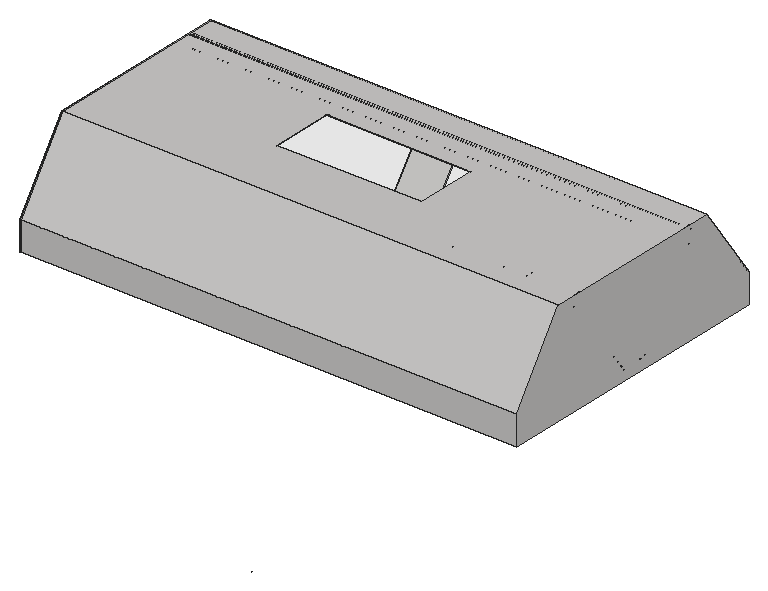
Revit family "QF_ELECTROLUXPROFESSIONAL_642348_BC1424DT", category Attrezzature speciali, Revit 2021
Family settings
  Quota connettore circolare = Usa diametro
  Tipo di parte = Normale
  Basato su piano di lavoro = No
  Sempre verticale = Sì
  Taglio con vuoti quando caricato = No
  Condiviso = No
  Punto di calcolo locali = No
Parameters (values of type "Standard")
  Weight = 79.00 kg
  Watts = 0 W
  Volts = 0 V
  URL Manufacturer = "https://www.electroluxprofessional.com/"
  URL = "https://www.electroluxprofessional.com/"
  Steam Supply Size = 0 mm
  Steam Supply Minimum Pressure = 0.0 Pa
  Steam Supply Maximum Pressure = 0.0 Pa
  Steam Consumption per Hour = 0
  Refrigeration Suction Line Size = 0 mm
  Refrigeration Liquid Line Size = 0 mm
  Refrigerant Compressor Remote = yes
  Prospetto di default = 0 mm
  Produttore = "Electrolux Professional"
  Phase = 0
  Modello = "BC1424DT"
  Length Actual = 2400 mm  # constant formula
  Item Number = "642348"
  Hot Water Size = 0 mm
  Height Actual = 500 mm  # constant formula
  HP = "0 HP"
  Gas Size = 0 mm
  Gas KW = 0
  Gas Input Pressure = 0 W
  Direct Waste Size = 0 mm
  Descrizione = "304 S/S ISLAND HOOD+FILTERS 2400X1400MM"
  Depth Actual = 1400 mm  # constant formula
  Cycle = 0 Hz
  Condensate Return Size = 0 mm
  Compressed Air Volume = 0.0 L/s
  Compressed Air Size = 0 mm
  Compressed Air Pressure = 0.0 Pa
  Cold Water Size = 0 mm
  Accessory = yes
Reference planes
  plane 1: z = 0
  plane 2 "Center (Left/Right)": x = 150
  plane 3 "LEFT": x = -1050
  plane 4 "RIGHT": x = 1350
  plane 5 "BACK": y = 550
  plane 6 "TOP": z = 2500
  plane 7 "Base": z = 2000
  plane 8: z = 1946
  plane 9: x = -1047
  plane 10 "DrainX": x = 1199
  plane 11 "AOLeft2": x = 450
  plane 12: x = 1347
  plane 13: x = -850
  plane 14: x = 1150
  plane 15: x = 50
  plane 16: x = 250
  plane 17 "AOLeft1": x = -250
  plane 18: y = 0
  plane 19: y = -300
  plane 20 "Center (Front/Back)": y = -150
  plane 21: y = -850
  plane 22: through (0, -201.379, 2046.209) normal (0, 0.8019, 0.5974)
  plane 23: through (0, -98.621, 2046.209) normal (0, 0.8019, -0.5974)
  plane 24: z = 2140
Forms (mm)
  Extrusion 1, solid, material "QF_Finishes_Stainless Steel"
    sketch origin (-1050, 0, 360) x (0, 1, 0) y (0, 0, 1)
      loop
        line (550, 1640) -> (550, 1780) -> (299.446, 2140) -> (-599.446, 2140) -> (-850, 1780) -> (-850, 1640) -> (550, 1640)
    from 0 to 3
  Extrusion 2, solid, material "QF_Finishes_Stainless Steel"
    sketch origin (1350, 0, 360) x (0, 1, 0) y (0, 0, 1)
      loop
        line (550, 1640) -> (550, 1780) -> (299.446, 2140) -> (-599.446, 2140) -> (-850, 1780) -> (-850, 1640) -> (550, 1640)
    from 0 to -3
  Extrusion 3, solid, material "QF_Finishes_Stainless Steel"
    sketch origin (150, 0, 360) x (0, 1, 0) y (0, 0, 1)
      loop
        line (-599.446, 2140) -> (-850, 1780) -> (-850, 1640) -> (-840, 1640) -> (-840, 1640.8) -> (-849.2, 1640.8) -> (-849.2, 1779.739) -> (-599.025, 2139.19) -> (299.025, 2139.19) -> (549.2, 1779.739) -> (549.2, 1640.8) -> (540, 1640.8) -> (540, 1640) -> (550, 1640) -> (550, 1780) -> (299.446, 2140) -> (-599.446, 2140)
    from -1200 to 1200
  Extrusion 4, void
    sketch origin (0, 0, 2500) x (0, 1, 0) y (-1, 0, 0)
      loop
        line (0, -450) -> (0, 250) -> (-300, 250) -> (-300, -450) -> (0, -450)
    from 0 to -10
  Extrusion 5, solid, material "QF_Finishes_Stainless Steel"
    sketch origin (0, 0, 0) x (1, 0, 0) y (0, 1, 0)
      loop
        line (-1050, 550) -> (-1050, 549) -> (-1049, 549) -> (-1049, 550) -> (-1050, 550)
    from 0 to 1
  Extrusion 6, solid, material "QF_Finishes_Stainless Steel"
    sketch origin (150, -400, 360) x (0, 1, 0) y (0, 0, 1)
      loop
        line (-98.883, 2085.553) -> (198.621, 1686.209) -> (214.66, 1698.157) -> (-82.844, 2097.501) -> (-98.883, 2085.553)
      loop
        line (598.883, 2085.553) -> (582.844, 2097.501) -> (285.34, 1698.157) -> (301.379, 1686.209) -> (598.883, 2085.553)
    from -1000 to -1197
  Extrusion 7, solid, material "QF_Finishes_Stainless Steel"
    sketch origin (150, -400, 360) x (0, 1, 0) y (0, 0, 1)
      loop
        arc (316.056, 1704.554) -> (315.455, 1704.706) -> (314.923, 1704.389) r 0.81
        line (314.923, 1704.389) -> (300.465, 1684.991) -> (283.389, 1687.002) -> (286.391, 1712.615) -> (285.593, 1712.708) -> (282.594, 1687.095)
        arc (282.594, 1687.095) -> (282.763, 1686.499) -> (283.305, 1686.197) r 0.81
        line (283.305, 1686.197) -> (300.372, 1684.196)
        arc (300.372, 1684.196) -> (300.787, 1684.257) -> (301.116, 1684.517) r 0.81
        line (301.116, 1684.517) -> (315.564, 1703.911) -> (326.308, 1695.919) -> (300.145, 1660.79) -> (199.855, 1660.79) -> (173.692, 1695.919) -> (184.436, 1703.911) -> (198.884, 1684.517)
        arc (198.884, 1684.517) -> (199.213, 1684.257) -> (199.628, 1684.196) r 0.81
        line (199.628, 1684.196) -> (216.695, 1686.197)
        arc (216.695, 1686.197) -> (217.237, 1686.499) -> (217.406, 1687.095) r 0.81
        line (217.406, 1687.095) -> (214.407, 1712.708) -> (213.609, 1712.615) -> (216.611, 1687.002) -> (199.535, 1684.991) -> (185.077, 1704.389)
        arc (185.077, 1704.389) -> (184.545, 1704.706) -> (183.944, 1704.554) r 0.81
        line (183.944, 1704.554) -> (173.214, 1696.561)
        arc (173.214, 1696.561) -> (172.897, 1696.028) -> (173.049, 1695.427) r 0.81
        line (173.049, 1695.427) -> (199.157, 1660.381)
        arc (199.157, 1660.381) -> (199.5, 1660.093) -> (199.937, 1659.99) r 0.972
        line (199.937, 1659.99) -> (300.049, 1659.99)
        arc (300.049, 1659.99) -> (300.498, 1660.096) -> (300.851, 1660.393) r 1
        line (300.851, 1660.393) -> (326.951, 1695.427)
        arc (326.951, 1695.427) -> (327.103, 1696.028) -> (326.786, 1696.561) r 0.81
        line (326.786, 1696.561) -> (316.056, 1704.554)
      loop
        line (-92.735, 2139.19) -> (-92.735, 2129.205) -> (-117.587, 2110.686)
        arc (-117.587, 2110.686) -> (-117.904, 2110.153) -> (-117.752, 2109.552) r 0.81
        line (-117.752, 2109.552) -> (-84.894, 2065.446) -> (-95.625, 2057.438) -> (-95.147, 2056.796) -> (-84.418, 2064.79)
        arc (-84.418, 2064.79) -> (-84.1, 2065.322) -> (-84.252, 2065.923) r 0.81
        line (-84.252, 2065.923) -> (-117.117, 2110.038) -> (-91.935, 2128.798) -> (-91.935, 2138.4) -> (-62.776, 2138.4) -> (-62.776, 2070.563) -> (-61.976, 2069.49) -> (-61.976, 2139.19) -> (-92.735, 2139.19)
      loop
        line (592.735, 2139.19) -> (561.976, 2139.19) -> (561.976, 2069.49) -> (562.776, 2070.563) -> (562.776, 2138.4) -> (591.935, 2138.4) -> (591.935, 2128.798) -> (617.117, 2110.038) -> (584.252, 2065.923)
        arc (584.252, 2065.923) -> (584.1, 2065.322) -> (584.418, 2064.79) r 0.81
        line (584.418, 2064.79) -> (595.147, 2056.796) -> (595.625, 2057.438) -> (584.894, 2065.446) -> (617.752, 2109.552)
        arc (617.752, 2109.552) -> (617.904, 2110.153) -> (617.587, 2110.686) r 0.81
        line (617.587, 2110.686) -> (592.735, 2129.205) -> (592.735, 2139.19)
    from -1197 to 1197
  Extrusion 8, solid, material "QF_Finishes_Stainless Steel"
    sketch origin (150, -400, 360) x (0, 1, 0) y (0, 0, 1)
      loop
        line (-98.883, 2085.553) -> (198.621, 1686.209) -> (214.66, 1698.157) -> (-82.844, 2097.501) -> (-98.883, 2085.553)
      loop
        line (598.883, 2085.553) -> (582.844, 2097.501) -> (285.34, 1698.157) -> (301.379, 1686.209) -> (598.883, 2085.553)
    from 1197 to 1000
  Extrusion 9, solid, material "QF_Finishes_Stainless Steel"
    sketch origin (150, -400, 360) x (0, 1, 0) y (0, 0, 1)
      loop
        line (-98.883, 2085.553) -> (198.621, 1686.209) -> (214.66, 1698.157) -> (-82.844, 2097.501) -> (-98.883, 2085.553)
      loop
        line (598.883, 2085.553) -> (582.844, 2097.501) -> (285.34, 1698.157) -> (301.379, 1686.209) -> (598.883, 2085.553)
    from -100 to 100
  Extrusion 10, solid, material "QF_Finished_Chrome"
    sketch origin (150, -400, 360) x (0, 1, 0) y (0, 0, 1)
      loop
        line (-98.883, 2085.553) -> (198.621, 1686.209) -> (214.66, 1698.157) -> (-82.844, 2097.501) -> (-98.883, 2085.553)
      loop
        line (598.883, 2085.553) -> (582.844, 2097.501) -> (285.34, 1698.157) -> (301.379, 1686.209) -> (598.883, 2085.553)
    from -1000 to -100
  Extrusion 11, solid, material "QF_Finished_Chrome"
    sketch origin (150, -400, 360) x (0, 1, 0) y (0, 0, 1)
      loop
        line (-98.883, 2085.553) -> (198.621, 1686.209) -> (214.66, 1698.157) -> (-82.844, 2097.501) -> (-98.883, 2085.553)
      loop
        line (598.883, 2085.553) -> (582.844, 2097.501) -> (285.34, 1698.157) -> (301.379, 1686.209) -> (598.883, 2085.553)
    from 100 to 1000
  Sweep 12, solid, material "QF_Finishes_Stainless Steel"
    path origin (0, 0, 0) x (1, 0, 0) y (0, 1, 0)
      loop
        line (1350, 550) -> (-1050, 550) -> (-1050, -850) -> (1350, -850) -> (1350, 550)
    profile origin (1350, -150, 0) x (1, 0, 0) y (0, 0, 1)
      loop
        line (-3, 2000) -> (-3, 2000.8) -> (-19, 2000.8) -> (-19, 2010) -> (-20, 2010) -> (-20, 2000) -> (-3, 2000)
  Extrusion 13, solid, material "QF_Finishes_Stainless Steel"
    sketch origin (1199, 0, 0) x (0, 1, 0) y (0, 0, 1)
      loop
        arc (-118.5, 1946) -> (-111.429, 1948.929) -> (-108.5, 1956) r 10
        line (-108.5, 1956) -> (-108.5, 2000.8) -> (-191.5, 2000.8) -> (-191.5, 1956)
        arc (-191.5, 1956) -> (-188.571, 1948.929) -> (-181.5, 1946) r 10
        line (-181.5, 1946) -> (-118.5, 1946)
    from -90 to 90
  Extrusion 14, solid, material "QF_Finishes_Stainless Steel"
    sketch origin (0, -1100, 2000) x (0, 1, 0) y (-1, 0, 0)
      loop
        circle (950, -1199) r 6.35
    from -3.799 to 0
Cuts and joins
  Extrusion 4 cuts Extrusion 3
  joined: Extrusion 2, Extrusion 3, Sweep 12
Lines and regions (mm)
  symbolic lines, style "SpecialityEquipment", detail levels coarse
    curve 1: line (1350, 550, 2500) -> (-1050, 550, 2500)
    curve 2: line (-1050, 550, 2500) -> (-1050, -850, 2500)
    curve 3: line (1350, -850, 2500) -> (1350, 550, 2500)
    curve 4: line (-1050, 299.025, 0) -> (1349.504, -599.025, 0)
    curve 5: line (1349.568, 299.025, 0) -> (-1050, -599.025, 0)
  symbolic lines, detail levels coarse
    curve 6: line (-250, -300, 0) -> (450, -300, 0)
    curve 7: line (-250, 0, 0) -> (-250, -300, 0)
    curve 8: line (450, 0, 0) -> (-250, 0, 0)
    curve 9: line (450, -300, 0) -> (450, 0, 0)
    curve 10: line (-1050, 299.025, 0) -> (1349.568, 299.025, 0)
    curve 11: line (1349.504, -599.025, 0) -> (-1050, -599.025, 0)
    curve 12: line (1350, -850, 0) -> (-1050, -850, 0)
Dimensions and locks
  plane 3 "LEFT" to plane 4 "RIGHT" = 2400 mm
  equal spacing: plane 3 "LEFT", plane 2 "Center (Left/Right)", plane 4 "RIGHT"
  plane 3 "LEFT" to plane 9 = 3 mm
  plane 10 "DrainX" to plane 4 "RIGHT" = 151 mm
  plane 12 to plane 4 "RIGHT" = 3 mm
  plane 3 "LEFT" to plane 13 = 200 mm
  plane 14 to plane 4 "RIGHT" = 200 mm
  locked: plane 7 "Base" to level at 2000
  locked: plane 15 to plane 16 at 200
  equal spacing: plane 15, plane 2 "Center (Left/Right)", plane 16
  plane 7 "Base" to plane 8 = 54 mm
  locked: plane 6 "TOP" to plane 7 "Base" at 500
  plane 5 "BACK" to plane 21 = 1400 mm  (x2)
  equal spacing: plane 5 "BACK", plane 20 "Center (Front/Back)", plane 21
  plane 19 to plane 18 = 300 mm
  equal spacing: plane 19, plane 20 "Center (Front/Back)", plane 18
  plane 24 to plane 7 "Base" = 140 mm
  locked: plane 17 "AOLeft1" to plane 11 "AOLeft2" at 700
  aligned and locked: level to plane 1
  aligned and locked: plane 4 "RIGHT" to Extrusion 3
  aligned and locked: Extrusion 3 to plane 3 "LEFT"
  aligned and locked: Extrusion 6 to plane 9
  aligned and locked: plane 13 to Extrusion 6
  aligned and locked: Extrusion 2 to plane 12
  aligned and locked: plane 12 to Extrusion 8
  aligned and locked: Extrusion 8 to plane 14
  aligned and locked: plane 16 to Extrusion 9
  aligned and locked: Extrusion 9 to plane 15
  aligned and locked: plane 15 to Extrusion 10
  aligned and locked: Extrusion 10 to plane 13
  aligned and locked: Extrusion 11 to plane 16
  aligned and locked: Extrusion 11 to plane 14
  aligned and locked: Extrusion 7 to plane 9
  aligned and locked: plane 12 to Extrusion 7
  aligned and locked: Extrusion 4 to plane 17 "AOLeft1"
  aligned and locked: Extrusion 4 to plane 11 "AOLeft2"
  aligned and locked: plane 19 to Extrusion 4
  aligned and locked: plane 18 to Extrusion 4
Automatic sketch dimensions
  Extrusion 4 sketch curve to plane 11 "AOLeft2" = 0 mm
  Extrusion 4 sketch curve to plane 17 "AOLeft1" = 0 mm
  Extrusion 5 sketch curve to plane 3 "LEFT" = 0 mm
  Extrusion 5 sketch curve to plane 5 "BACK" = 0 mm
  plane 3 "LEFT" to Extrusion 5 sketch curve = 1 mm
  Extrusion 5 sketch curve to Extrusion 5 sketch curve = 1 mm
  Sweep 12 sketch curve to plane 3 "LEFT" = 0 mm
  Sweep 12 sketch curve to plane 4 "RIGHT" = 0 mm
  Sweep 12 sketch curve to plane 5 "BACK" = 0 mm
  profile plane to Sweep 12 sketch curve = 20 mm
  Sweep 12 sketch curve to Sweep 12 sketch curve = 1 mm
  profile plane to Sweep 12 sketch curve = 3 mm
  level to Sweep 12 sketch curve = 2000 mm
  Sweep 12 sketch curve to Sweep 12 sketch curve = 0.8 mm
  Sweep 12 sketch curve to Sweep 12 sketch curve = 9.2 mm
  plane 19 to Sweep 12 sketch curve = 550 mm
  plane 19 to Extrusion 4 sketch curve = 0 mm
  Extrusion 4 sketch curve to plane 18 = 0 mm
  Extrusion 14 sketch curve to plane 10 "DrainX" = 0 mm
  Extrusion 14 sketch curve to plane 20 "Center (Front/Back)" = 0 mm
  Extrusion 13 sketch curve to plane 8 = 0 mm
  plane 8 to Extrusion 13 sketch curve = 10 mm
  Extrusion 13 sketch curve to plane 20 "Center (Front/Back)" = 41.5 mm
  plane 20 "Center (Front/Back)" to Extrusion 13 sketch curve = 31.5 mm
  plane 7 "Base" to Extrusion 13 sketch curve = 0.8 mm
  plane 20 "Center (Front/Back)" to Extrusion 13 sketch curve = 41.5 mm
  plane 19 to Extrusion 6 sketch curve = 198.883 mm
  Extrusion 6 sketch curve to plane 6 "TOP" = 42.499 mm  (x2)
  Extrusion 6 sketch curve to Extrusion 6 sketch curve = 16.039 mm  (x2)
  Extrusion 6 sketch curve to plane 20 "Center (Front/Back)" = 51.379 mm
  plane 20 "Center (Front/Back)" to Extrusion 6 sketch curve = 35.34 mm
  plane 18 to Extrusion 6 sketch curve = 182.844 mm
  Extrusion 6 sketch curve to Extrusion 6 sketch curve = 11.948 mm  (x2)
  Extrusion 7 sketch curve to plane 6 "TOP" = 30.448 mm  (x2)
  plane 19 to Extrusion 7 sketch curve = 217.752 mm
  Extrusion 7 sketch curve to plane 6 "TOP" = 29.314 mm  (x2)
  Extrusion 7 sketch curve to Extrusion 7 sketch curve = 0.166 mm  (x3)
  Extrusion 7 sketch curve to plane 6 "TOP" = 29.962 mm  (x2)
  Extrusion 7 sketch curve to Extrusion 7 sketch curve = 0.47 mm  (x2)
  Extrusion 7 sketch curve to Extrusion 7 sketch curve = 0.014 mm  (x2)
  Extrusion 7 sketch curve to plane 6 "TOP" = 82.562 mm  (x2)
  Extrusion 7 sketch curve to Extrusion 7 sketch curve = 22.127 mm
  Extrusion 7 sketch curve to plane 6 "TOP" = 83.204 mm  (x2)
  Extrusion 7 sketch curve to Extrusion 7 sketch curve = 0.478 mm  (x5)
  Extrusion 7 sketch curve to plane 6 "TOP" = 0.81 mm  (x2)
  Extrusion 7 sketch curve to Extrusion 7 sketch curve = 24.852 mm
  Extrusion 7 sketch curve to Extrusion 7 sketch curve = 0.8 mm  (x5)
  Extrusion 7 sketch curve to Extrusion 7 sketch curve = 10.724 mm
  Extrusion 7 sketch curve to plane 6 "TOP" = 74.554 mm  (x2)
  Extrusion 7 sketch curve to Extrusion 7 sketch curve = 0.008 mm  (x6)
  Extrusion 7 sketch curve to plane 6 "TOP" = 75.21 mm  (x2)
  Extrusion 7 sketch curve to plane 6 "TOP" = 74.077 mm  (x2)
  Extrusion 7 sketch curve to Extrusion 7 sketch curve = 0.642 mm  (x2)
  Extrusion 7 sketch curve to plane 6 "TOP" = 69.437 mm  (x2)
  Extrusion 7 sketch curve to Extrusion 7 sketch curve = 21.476 mm  (x2)
  Extrusion 7 sketch curve to plane 19 = 73.049 mm
  Extrusion 7 sketch curve to Extrusion 7 sketch curve = 0.006 mm  (x4)
  Extrusion 7 sketch curve to Extrusion 7 sketch curve = 10.73 mm  (x3)
  Extrusion 7 sketch curve to Extrusion 7 sketch curve = 0.484 mm  (x4)
  Extrusion 7 sketch curve to Extrusion 7 sketch curve = 0.641 mm  (x2)
  Extrusion 7 sketch curve to Extrusion 7 sketch curve = 14.448 mm
  plane 7 "Base" to Extrusion 7 sketch curve = 20.381 mm
  Extrusion 7 sketch curve to Extrusion 7 sketch curve = 0.273 mm
  Extrusion 7 sketch curve to Extrusion 7 sketch curve = 0.65 mm  (x2)
  Extrusion 7 sketch curve to Extrusion 7 sketch curve = 0.001 mm  (x4)
  Extrusion 7 sketch curve to Extrusion 7 sketch curve = 0.093 mm  (x2)
  plane 7 "Base" to Extrusion 7 sketch curve = 20.79 mm
  Extrusion 7 sketch curve to Extrusion 7 sketch curve = 0.698 mm
  Extrusion 7 sketch curve to Extrusion 7 sketch curve = 0.081 mm
  Extrusion 7 sketch curve to Extrusion 7 sketch curve = 28.531 mm
  Extrusion 7 sketch curve to Extrusion 7 sketch curve = 0.799 mm  (x2)
  Extrusion 7 sketch curve to Extrusion 7 sketch curve = 17.067 mm  (x2)
  Extrusion 7 sketch curve to Extrusion 7 sketch curve = 0.01 mm  (x4)
  Extrusion 7 sketch curve to Extrusion 7 sketch curve = 0.094 mm
  Extrusion 7 sketch curve to Extrusion 7 sketch curve = 0.795 mm  (x2)
  plane 20 "Center (Front/Back)" to Extrusion 7 sketch curve = 32.594 mm
  Extrusion 7 sketch curve to Extrusion 7 sketch curve = 0.71 mm
  Extrusion 7 sketch curve to Extrusion 7 sketch curve = 2.998 mm
  Extrusion 7 sketch curve to Extrusion 7 sketch curve = 16.745 mm
  Extrusion 7 sketch curve to Extrusion 7 sketch curve = 0.095 mm
  plane 7 "Base" to Extrusion 7 sketch curve = 20.393 mm
  Extrusion 7 sketch curve to Extrusion 7 sketch curve = 0.707 mm
  Extrusion 7 sketch curve to Extrusion 7 sketch curve = 0.651 mm
  Extrusion 7 sketch curve to Extrusion 7 sketch curve = 14.456 mm
  Extrusion 7 sketch curve to plane 6 "TOP" = 70.51 mm  (x2)
  plane 18 to Extrusion 7 sketch curve = 161.976 mm
  Extrusion 7 sketch curve to plane 6 "TOP" = 1.6 mm
  Extrusion 7 sketch curve to Extrusion 7 sketch curve = 29.159 mm
  Extrusion 7 sketch curve to Extrusion 7 sketch curve = 24.368 mm
  Extrusion 7 sketch curve to Extrusion 7 sketch curve = 0.636 mm
  Extrusion 7 sketch curve to Extrusion 7 sketch curve = 23.206 mm
  Extrusion 7 sketch curve to Extrusion 7 sketch curve = 23.234 mm
  Extrusion 7 sketch curve to Extrusion 7 sketch curve = 0.321 mm  (x2)
  Extrusion 7 sketch curve to Extrusion 7 sketch curve = 2.001 mm  (x2)
  Extrusion 7 sketch curve to Extrusion 7 sketch curve = 0.804 mm  (x2)
  Extrusion 7 sketch curve to Extrusion 7 sketch curve = 10.911 mm  (x2)
  Extrusion 7 sketch curve to Extrusion 7 sketch curve = 7.993 mm  (x2)
  Extrusion 7 sketch curve to Extrusion 7 sketch curve = 25.613 mm  (x2)
  Extrusion 7 sketch curve to Extrusion 7 sketch curve = 0.407 mm  (x2)
  Extrusion 7 sketch curve to Extrusion 7 sketch curve = 0.79 mm
  Extrusion 3 sketch curve to plane 7 "Base" = 0 mm  (x2)
  Extrusion 3 sketch curve to plane 21 = 0 mm
  Extrusion 3 sketch curve to plane 5 "BACK" = 0 mm
  plane 21 to Extrusion 3 sketch curve = 0.8 mm
  plane 7 "Base" to Extrusion 3 sketch curve = 0.8 mm  (x2)
  Extrusion 3 sketch curve to Extrusion 3 sketch curve = 9.2 mm
  plane 21 to Extrusion 3 sketch curve = 250.554 mm
  Extrusion 3 sketch curve to Extrusion 3 sketch curve = 0.421 mm  (x2)
  Extrusion 3 sketch curve to plane 6 "TOP" = 0.81 mm
  Extrusion 3 sketch curve to plane 5 "BACK" = 250.975 mm
  Extrusion 3 sketch curve to plane 5 "BACK" = 10 mm
  Extrusion 3 sketch curve to plane 5 "BACK" = 0.8 mm
  Extrusion 3 sketch curve to Extrusion 3 sketch curve = 138.939 mm  (x2)
  Extrusion 3 sketch curve to Extrusion 3 sketch curve = 0.261 mm  (x2)
  Extrusion 3 sketch curve to plane 6 "TOP" = 0 mm
  Extrusion 1 sketch curve to plane 7 "Base" = 0 mm
  Extrusion 1 sketch curve to plane 21 = 0 mm
  Extrusion 1 sketch curve to plane 6 "TOP" = 0 mm
  Extrusion 1 sketch curve to plane 5 "BACK" = 0 mm
  Extrusion 1 sketch curve to plane 5 "BACK" = 250.554 mm
  plane 7 "Base" to Extrusion 1 sketch curve = 140 mm
  Extrusion 1 sketch curve to Extrusion 1 sketch curve = 140 mm
  plane 21 to Extrusion 1 sketch curve = 250.554 mm
  plane 19 to Extrusion 10 sketch curve = 198.883 mm
  Extrusion 10 sketch curve to plane 6 "TOP" = 42.499 mm  (x2)
  Extrusion 10 sketch curve to Extrusion 10 sketch curve = 16.039 mm  (x2)
  Extrusion 10 sketch curve to plane 20 "Center (Front/Back)" = 51.379 mm
  plane 20 "Center (Front/Back)" to Extrusion 10 sketch curve = 35.34 mm
  plane 18 to Extrusion 10 sketch curve = 182.844 mm
  Extrusion 10 sketch curve to Extrusion 10 sketch curve = 11.948 mm  (x2)
  plane 19 to Extrusion 9 sketch curve = 198.883 mm
  Extrusion 9 sketch curve to plane 6 "TOP" = 42.499 mm  (x2)
  Extrusion 9 sketch curve to Extrusion 9 sketch curve = 16.039 mm  (x2)
  Extrusion 9 sketch curve to plane 20 "Center (Front/Back)" = 51.379 mm
  plane 20 "Center (Front/Back)" to Extrusion 9 sketch curve = 35.34 mm
  plane 18 to Extrusion 9 sketch curve = 182.844 mm
  Extrusion 9 sketch curve to Extrusion 9 sketch curve = 11.948 mm  (x2)
  plane 19 to Extrusion 11 sketch curve = 198.883 mm
  Extrusion 11 sketch curve to plane 6 "TOP" = 42.499 mm  (x2)
  Extrusion 11 sketch curve to Extrusion 11 sketch curve = 16.039 mm  (x2)
  Extrusion 11 sketch curve to plane 20 "Center (Front/Back)" = 51.379 mm
  plane 20 "Center (Front/Back)" to Extrusion 11 sketch curve = 35.34 mm
  plane 18 to Extrusion 11 sketch curve = 182.844 mm
  Extrusion 11 sketch curve to Extrusion 11 sketch curve = 11.948 mm  (x2)
  plane 19 to Extrusion 8 sketch curve = 198.883 mm
  Extrusion 8 sketch curve to plane 6 "TOP" = 42.499 mm  (x2)
  Extrusion 8 sketch curve to Extrusion 8 sketch curve = 16.039 mm  (x2)
  Extrusion 8 sketch curve to plane 20 "Center (Front/Back)" = 51.379 mm
  plane 20 "Center (Front/Back)" to Extrusion 8 sketch curve = 35.34 mm
  plane 18 to Extrusion 8 sketch curve = 182.844 mm
  Extrusion 8 sketch curve to Extrusion 8 sketch curve = 11.948 mm  (x2)
  Extrusion 2 sketch curve to plane 7 "Base" = 0 mm
  Extrusion 2 sketch curve to plane 21 = 0 mm
  Extrusion 2 sketch curve to plane 5 "BACK" = 0 mm
  Extrusion 2 sketch curve to plane 24 = 0 mm  (x2)
  Extrusion 2 sketch curve to plane 5 "BACK" = 250.554 mm
  plane 21 to Extrusion 2 sketch curve = 250.554 mm
  Extrusion 2 sketch curve to plane 6 "TOP" = 0 mm
  curve 2 to plane 3 "LEFT" = 0 mm
  curve 2 to plane 21 = 0 mm
  curve 3 to plane 4 "RIGHT" = 0 mm
  curve 3 to plane 21 = 0 mm
  curve 2 to plane 5 "BACK" = 0 mm
  curve 4 to plane 3 "LEFT" = 0 mm
  curve 11 to plane 3 "LEFT" = 0 mm
  curve 12 to plane 3 "LEFT" = 0 mm
  curve 7 to plane 17 "AOLeft1" = 0 mm
  curve 8 to plane 11 "AOLeft2" = 0 mm
  curve 12 to plane 4 "RIGHT" = 0 mm
  plane 19 to curve 6 = 0 mm
  curve 9 to plane 18 = 0 mm
  curve 11 to plane 4 "RIGHT" = 0.496 mm
  curve 10 to plane 4 "RIGHT" = 0.432 mm
  plane 21 to curve 11 = 250.975 mm
  curve 10 to plane 5 "BACK" = 250.975 mm
  curve 12 to plane 21 = 0 mm
  radius of Extrusion 14 sketch curve = 6.35 mm
Connectors
  hvac at (100, -150, 2500)
    settings: on Extrusion 4, index 2, duct flow 0.0 L/s, flow factor 0, pres drop 0.0 Pa, loss coef 0, conn angle 0.00°, conn width 300 mm, conn height 0 mm, conn diameter 609.6 mm, duct sys type 3, conn prof type 1, flow config 1, flow direction 2, loss method 0, conn ref index -1, conn util no, is conn primary yes, conn desc "EXHAUST OUTLET"
  piping at (1199, -150, 1996.201), diameter 12.7
    settings: on Extrusion 14, index 4, connector inside diameter 609.6 mm, connector length 0 mm, flow factor 0, pipe flow 0.0 L/s, pressure drop 0.0 Pa, fitting loss kfactor 0, connector angle 0.00°, fixture units 0, engagement length 0 mm, angle of deflection 0.00°, flow configuration 1, flow direction 2, fitting loss method 0, system type 16, joint type 0, gender type 0, connector reference index -1, connector utility 0, adjustable connector no, is connector primary yes, connector description "Drain"
